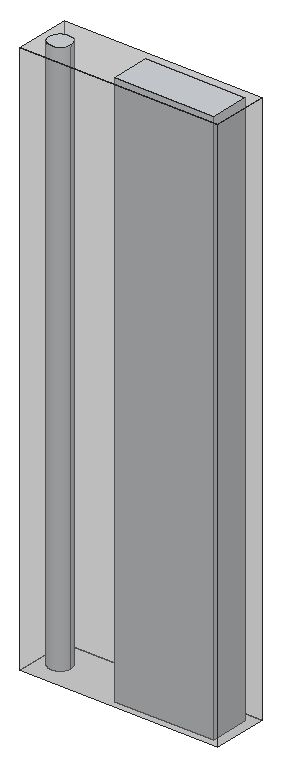
Revit family "BRU_ИнженернаяНиша", category Шкафы, Revit 2021
Family settings
  На основе рабочей плоскости = Да
  Всегда вертикально = Да
  При загрузке вырезать с полостями = Нет
  Общий = Нет
  Точка принадлежности помещению = Нет
Parameters (values of type "Типовой_1000х280_Стояк К, спутник и санузел")
  Width = 200 mm
  Спутник 2 = no
  Отступ_Спутник 2 = 400 mm
  Отступ_Спутник = 205 mm
  Спутник = yes
  Отступ_Воздуховод 2 = 429.5 mm
  Default Elevation = 1219.2 mm
  Материал = Инженерная ниша(Вентиляция)
  Комментарии к типоразмеру = "Санузел раздельный и совмещеный: канализация, холодная, горячая вода, без канализации трапа"
  Канализация_Диаметр = 110 mm
  Канализация = yes
  Отступ_К = 90 mm
  Manufacturer = ""
  Отступ_Воздуховод = 400 mm
  Воздуховод 2 = no
  Воздуховод = yes
  Венткороб 1_Ширина = 200 mm
  Венткороб 2_Ширина = 200 mm
  Венткороб 2_Длина = 500 mm
  Венткороб 1_Длина = 500 mm
  ADSK_Размер_Ширина = 1000 mm
  ADSK_Размер_Глубина = 280 mm
  ADSK_Размер_Высота = 2820 mm
Types (3, lengths in mm): name | Спутник 2 | Отступ_Спутник 2 | Отступ_Воздуховод 2 | Отступ_Воздуховод | Воздуховод 2 | Воздуховод | Венткороб 2_Длина | Венткороб 1_Длина | ADSK_Размер_Ширина
  Типовой_1630х280_Сдвоенный | yes | 400 | 505 | 325 | yes | yes | 500 | 350 | 1630
  Первый_350х280_Стояк К и спутник | no | 386 | 455.5 | 400 | no | no | 350 | 500 | 385
  Типовой_1000х280_Стояк К, спутник и санузел | no | 400 | 429.5 | 400 | no | yes | 500 | 500 | 1000
Reference planes
  plane 1 "По центру (Вперед/Назад)": y = -0.854
  plane 2: z = 0
  plane 3 "По центру (Влево/Вправо)": x = -25.137
  plane 4: x = -525.137
  plane 5: x = 474.863
  plane 6: y = 139.146
  plane 7: y = -140.854
  plane 8 "К_Ось": x = -435.137
  plane 9 "Спутник_Ось": x = -230.137
  plane 10 "Воздуховод_Ось": x = 169.863
  plane 11 "Воздуховод 2_Ось": x = 599.363
  plane 12: x = 999.363
Forms (mm)
  Extrusion 1, solid, material "Инженерная ниша(Вентиляция)" <- "Материал"
    sketch origin (-335, -50, 0) x (1, 0, 0) y (0, 1, 0)
      loop
        line (-190.137, 189.146) -> (-190.137, -90.854) -> (809.863, -90.854) -> (809.863, 189.146) -> (-190.137, 189.146)
    from 0 to 2820 <- "ADSK_Размер_Высота"
  Extrusion 2, solid
    sketch origin (0, 0, 0) x (1, 0, 0) y (0, 1, 0)
      loop
        circle (-435.137, -0.854) r 55
    from 0 to 2820
  Extrusion 3, solid, visible <- "Воздуховод 2"
    sketch origin (0, 0, 0) x (1, 0, 0) y (0, 1, 0)
      loop
        line (849.363, 99.146) -> (349.363, 99.146) -> (349.363, -100.854) -> (849.363, -100.854) -> (849.363, 99.146)
    from 0 to 2820
  Extrusion 4, solid, visible <- "Воздуховод"
    sketch origin (0, 0, 0) x (1, 0, 0) y (0, 1, 0)
      loop
        line (-80.137, -100.854) -> (419.863, -100.854) -> (419.863, 99.146) -> (-80.137, 99.146) -> (-80.137, -100.854)
    from 0 to 2820
Dimensions and locks
  equal spacing: plane 4, plane 3 "По центру (Влево/Вправо)", plane 5
  equal spacing: plane 6, plane 1 "По центру (Вперед/Назад)", plane 7
  "ADSK_Размер_Глубина": plane 6 to plane 7
  "ADSK_Размер_Ширина": plane 4 to plane 5
  "Отступ_К": plane 4 to plane 8 "К_Ось"
  "Отступ_Спутник": plane 8 "К_Ось" to plane 9 "Спутник_Ось"
  "Отступ_Воздуховод": plane 9 "Спутник_Ось" to plane 10 "Воздуховод_Ось"
  nested 1 to nested 3 = 100 mm
  plane 4 to nested 2 = 35 mm
  nested 2 to nested 1 = 100 mm
  nested 4 to nested 3 = 70.5 mm
  "Отступ_Воздуховод 2": plane 10 "Воздуховод_Ось" to plane 11 "Воздуховод 2_Ось"
  "Отступ_Спутник 2": plane 11 "Воздуховод 2_Ось" to plane 12
  nested 4 to nested 5 = 100 mm
  plane 5 to nested 5 = 574.5 mm
  nested 1 to plane 5 = 655 mm
  nested 4 to Extrusion 3 = 500 mm
  aligned and locked: level to plane 2
  aligned and locked: Extrusion 1 to level
  aligned and locked: plane 4 to Extrusion 1
  aligned and locked: Extrusion 1 to plane 7
  aligned and locked: Extrusion 1 to plane 5
  aligned and locked: plane 6 to Extrusion 1
  aligned and locked: plane 8 "К_Ось" to nested 2
  aligned and locked: plane 1 "По центру (Вперед/Назад)" to nested 2
  aligned and locked: plane 9 "Спутник_Ось" to nested 1
  aligned and locked: plane 1 "По центру (Вперед/Назад)" to nested 1
  aligned and locked: plane 10 "Воздуховод_Ось" to nested 3
  aligned and locked: plane 1 "По центру (Вперед/Назад)" to nested 3
  aligned and locked: plane 1 "По центру (Вперед/Назад)" to nested 4
  aligned and locked: plane 11 "Воздуховод 2_Ось" to nested 4
  aligned and locked: plane 1 "По центру (Вперед/Назад)" to nested 5
  aligned and locked: plane 12 to nested 5
  aligned and locked: Extrusion 1 to Extrusion 2
  aligned and locked: plane 1 "По центру (Вперед/Назад)" to Extrusion 2 sketch curve
  aligned and locked: plane 8 "К_Ось" to Extrusion 2 sketch curve
  aligned and locked: Extrusion 3 sketch curve to nested 4  (x4)
  aligned and locked: Extrusion 4 sketch curve to nested 3  (x4)
  aligned and locked: Extrusion 1 to Extrusion 4
  aligned and locked: Extrusion 3 to Extrusion 1
Automatic sketch dimensions
  Extrusion 1 sketch curve to plane 4 = 0 mm
  plane 5 to Extrusion 1 sketch curve = 0 mm
  plane 1 "По центру (Вперед/Назад)" to Extrusion 1 sketch curve = 140 mm
  Extrusion 1 sketch curve to plane 1 "По центру (Вперед/Назад)" = 140 mm
  radius of Extrusion 2 sketch curve = 55 mm
Nested families
  nested 1: "Обозначение вентшахты1" at (-280.137, -0.854, 10), visible <- "Спутник", type "Обозначение вентшахты"
    with УГО no, ADSK_Размер_Ширина 200 mm, ADSK_Размер_Длина 100 mm
  nested 2: "Обозначение вентшахты(1й этаж)" at (-435.137, -0.854, 10) x (-1, 0, 0) z (0, 0, 1), Канализация_Диаметр <- "Канализация_Диаметр", visible <- "Канализация", type "Обозначение вентшахты (1й этаж)"
    with Канализация_Диаметр 110 mm
  nested 3: "Обозначение вентшахты2" at (-80.137, -0.854, 10), ADSK_Размер_Длина <- "Венткороб 1_Длина", ADSK_Размер_Ширина <- "Венткороб 1_Ширина", visible <- "Воздуховод", type "Обозначение вентшахты"
    with УГО_200х100 yes, УГО no, ADSK_Размер_Ширина 200 mm, ADSK_Размер_Длина 500 mm
  nested 4: "Обозначение вентшахты2" at (349.363, -0.854, 10), ADSK_Размер_Длина <- "Венткороб 2_Длина", ADSK_Размер_Ширина <- "Венткороб 2_Ширина", visible <- "Воздуховод 2", type "Обозначение вентшахты"
    with УГО_200х100 yes, УГО no, ADSK_Размер_Ширина 200 mm, ADSK_Размер_Длина 500 mm
  nested 5: "Обозначение вентшахты1" at (949.363, -0.854, 10), visible <- "Спутник 2", type "Обозначение вентшахты"
    with УГО no, ADSK_Размер_Ширина 200 mm, ADSK_Размер_Длина 100 mm
Definition of nested family "Обозначение вентшахты1"
  Parameters (values of type "Обозначение вентшахты")
    УГО_200х100 [instance] = yes
    УГО [instance] = yes
    ADSK_Размер_Ширина [instance] = 200 mm
    ADSK_Размер_Длина [instance] = 100 mm
  Reference planes
    plane 1 "По центру (Вперед/Назад)": y = 0
    plane 2: z = 0
    plane 3 "По центру (Влево/Вправо)": x = 0
    plane 4: x = 100
    plane 5: y = -100
    plane 6: y = 100
    plane 7: x = 50
  Lines and regions (mm)
    detail lines, in view "Опорный уровень"
      curve 1: line (0, 100, 0) -> (100, 100, 0)
      curve 2: line (0, -100, 0) -> (0, 100, 0)
      curve 3: line (100, -100, 0) -> (0, -100, 0)
      curve 4: line (100, 100, 0) -> (100, -100, 0)
    detail lines, in view "Опорный уровень", visible <- "УГО_200х100"
      curve 5: line (0, -100, 0) -> (34.867, 51.027, 0)
      curve 6: line (34.867, 51.027, 0) -> (100, 100, 0)
  Dimensions and locks
    equal spacing: plane 6, plane 1 "По центру (Вперед/Назад)", plane 5
    "ADSK_Размер_Ширина": plane 6 to plane 5
    "ADSK_Размер_Длина": plane 3 "По центру (Влево/Вправо)" to plane 4
    equal spacing: plane 3 "По центру (Влево/Вправо)", plane 7, plane 4
    aligned and locked: curve 1 to plane 6
    aligned and locked: plane 5 to curve 3
    aligned and locked: plane 3 "По центру (Влево/Вправо)" to curve 2
    aligned and locked: curve 4 to plane 4
  Automatic sketch dimensions
    plane 3 "По центру (Влево/Вправо)" to curve 6 = 34.867 mm
    curve 5 to plane 6 = 48.973 mm
Definition of nested family "Обозначение вентшахты(1й этаж)"
  Parameters (values of type "Канализационная труба")
    Канализация_Диаметр [instance] = 160 mm
  Types (2): name
    Канализационная труба
    Обозначение вентшахты (1й этаж)
  Reference planes
    plane 1 "По центру (Вперед/Назад)": y = 0
    plane 2: z = 0
    plane 3 "По центру (Влево/Вправо)": x = 0
    plane 4: x = 0
  Lines and regions (mm)
    detail lines, in view "Опорный уровень"
      curve 1: circle (0, 0, 0) r 80 normal (0, 0, 1)
      curve 2: line (-26.575, -75.457, 0) -> (49.908, 62.523, 0)
    reference lines, in view "Опорный уровень"
      curve 3: line (0, 300, 0) -> (0, -300, 0)
  Dimensions and locks
    "Канализация_Диаметр": diameter of curve 1
  Automatic sketch dimensions
    curve 3 to plane 3 "По центру (Влево/Вправо)" = 0 mm
    plane 1 "По центру (Вперед/Назад)" to curve 3 = 300 mm
    curve 3 to plane 1 "По центру (Вперед/Назад)" = 300 mm
    plane 1 "По центру (Вперед/Назад)" to curve 1 = 0 mm
    curve 1 to plane 3 "По центру (Влево/Вправо)" = 0 mm
    curve 2 to plane 3 "По центру (Влево/Вправо)" = 26.575 mm
    plane 3 "По центру (Влево/Вправо)" to curve 2 = 49.908 mm
Definition of nested family "Обозначение вентшахты2"
  Parameters (values of type "Обозначение вентшахты")
    УГО_200х100 [instance] = yes
    УГО [instance] = yes
    ADSK_Размер_Ширина [instance] = 200 mm
    ADSK_Размер_Длина [instance] = 100 mm
  Reference planes
    plane 1 "По центру (Вперед/Назад)": y = 0
    plane 2: z = 0
    plane 3 "По центру (Влево/Вправо)": x = 0
    plane 4: x = 100
    plane 5: y = -100
    plane 6: y = 100
    plane 7: x = 50
  Lines and regions (mm)
    detail lines, in view "Опорный уровень"
      curve 1: line (0, 100, 0) -> (100, 100, 0)
      curve 2: line (0, -100, 0) -> (0, 100, 0)
      curve 3: line (100, -100, 0) -> (0, -100, 0)
      curve 4: line (100, 100, 0) -> (100, -100, 0)
    detail lines, in view "Опорный уровень", visible <- "УГО_200х100"
      curve 5: line (0, -100, 0) -> (34.867, 51.027, 0)
      curve 6: line (34.867, 51.027, 0) -> (100, 100, 0)
  Dimensions and locks
    equal spacing: plane 6, plane 1 "По центру (Вперед/Назад)", plane 5
    "ADSK_Размер_Ширина": plane 6 to plane 5
    "ADSK_Размер_Длина": plane 3 "По центру (Влево/Вправо)" to plane 4
    equal spacing: plane 3 "По центру (Влево/Вправо)", plane 7, plane 4
    aligned and locked: curve 1 to plane 6
    aligned and locked: plane 5 to curve 3
    aligned and locked: plane 3 "По центру (Влево/Вправо)" to curve 2
    aligned and locked: curve 4 to plane 4
  Automatic sketch dimensions
    plane 3 "По центру (Влево/Вправо)" to curve 6 = 34.867 mm
    curve 5 to plane 6 = 48.973 mm
